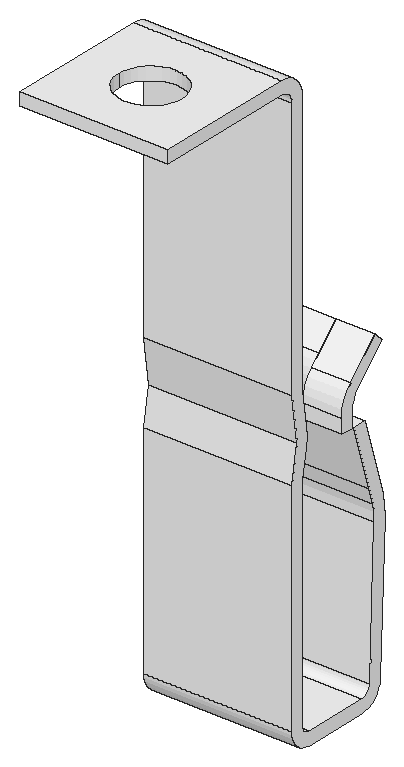
Revit family "CC-19用ハンガー、CC-25用ハンガー", category 機械設備, Revit 2020
Family settings
  丸型コネクタ寸法 = 直径を使用
  種別 = なし
  パーツ タイプ = 標準
  作業面ベース = いいえ
  常に垂直 = はい
  ロード時にボイドで切り取り = いいえ
  共有 = いいえ
  部屋計算ポイント = いいえ
Parameters
  製造元 = "株式会社桐井製作所"
  既定の高さ = 0 mm
  URL = "https://www.kirii.co.jp/"
  K_材質 = "SGCC一般用またはSGHC一般用"
  K_品名 = "CC-19用ハンガー、CC-25用ハンガー"
  K_名称 = "ハンガー"
  K_単位質量(kg/個) = 0.064
  K_入数 = "300"
  K_バージョン情報 = "20210524"
  K_めっき付着量 = "Z12"
  K_JIS規格 = "JIS G 3302"
  K_JIS外 [instance] = not(K_JIS)  # no
  K_JIS [instance] = yes
Reference planes
  plane 1 "中心(正面/背面)": y = 0
  plane 2: z = 0
  plane 3 "中心(左/右)": x = 0
  plane 4: x = 10
  plane 5: x = -10
Forms (mm)
  Extrusion 1, solid
    sketch origin (0, -1.432, 0) x (0, 1, 0) y (0, 0, 1)
      loop
        arc (10.858, 46.52) -> (9.317, 43.754) -> (9.398, 40.59) r 6
        line (9.398, 40.59) -> (9.685, 39.636) -> (13, 28.636) -> (13.708, 26.288)
        arc (13.708, 26.288) -> (13.984, 24.986) -> (14.041, 23.656) r 8
        line (14.041, 23.656) -> (13.142, 1.439)
        arc (13.142, 1.439) -> (12.682, 0.418) -> (11.643, 0) r 1.5
        line (11.643, 0) -> (1.5, 0)
        arc (1.5, 0) -> (0.439, 0.439) -> (0, 1.5) r 1.5
        line (0, 1.5) -> (0, 35.7) -> (0.716, 39.581)
        arc (0.716, 39.581) -> (0.88, 41.202) -> (0.778, 42.828) r 10
        line (0.778, 42.828) -> (0, 48.2) -> (0, 89)
        arc (0, 89) -> (-1.172, 91.828) -> (-4, 93) r 4
        line (-4, 93) -> (-26, 93) -> (-26, 91) -> (-4, 91)
        arc (-4, 91) -> (-2.586, 90.414) -> (-2, 89) r 2
        line (-2, 89) -> (-2, 48.2) -> (-1.027, 41.2) -> (-2, 35.7) -> (-2, 1.5)
        arc (-2, 1.5) -> (-0.975, -0.975) -> (1.5, -2) r 3.5
        line (1.5, -2) -> (11.643, -2)
        arc (11.643, -2) -> (14.067, -1.024) -> (15.14, 1.358) r 3.5
        line (15.14, 1.358) -> (16.04, 23.575)
        arc (16.04, 23.575) -> (15.968, 25.237) -> (15.623, 26.865) r 10
        line (15.623, 26.865) -> (11.313, 41.167)
        arc (11.313, 41.167) -> (11.259, 43.276) -> (12.286, 45.12) r 4
        line (12.286, 45.12) -> (15.5, 48.4) -> (14.072, 49.8) -> (10.858, 46.52)
    from -11.5 to 11.5
  Extrusion 2, solid
    sketch origin (0, -1.432, 0) x (0, 1, 0) y (0, 0, 1)
      loop
        line (15.5, 48.4) -> (14.072, 49.8) -> (9.4, 45.033)
        arc (9.4, 45.033) -> (8.131, 43.101) -> (7.685, 40.833) r 6
        line (7.685, 40.833) -> (7.685, 38.7) -> (9.685, 38.5) -> (9.685, 40.833)
        arc (9.685, 40.833) -> (9.982, 42.345) -> (10.829, 43.633) r 4
        line (10.829, 43.633) -> (15.5, 48.4)
    from -11.5 to 11.5
  Extrusion 3, void
    sketch origin (0, -1.432, 0) x (1, 0, 0) y (0, 1, 0)
      loop
        line (-11.5, 16.048) -> (-11.5, 7.685) -> (-5.5, 7.685) -> (-5.5, 16.048) -> (-11.5, 16.048)
      loop
        line (5.5, 16.048) -> (5.5, 7.685) -> (11.5, 7.685) -> (11.5, 16.048) -> (5.5, 16.048)
    from 38.5 to 49.8
  Extrusion 4, void
    sketch origin (0, -1.432, 0) x (1, 0, 0) y (0, 1, 0)
      loop
        line (-5.5, 15.5) -> (-5.5, 7.685) -> (5.5, 7.685) -> (5.5, 15.5) -> (-5.5, 15.5)
    from 38.5 to 49.8
  Extrusion 5, void
    sketch origin (0, 0, 0) x (1, 0, 0) y (0, 1, 0)
      loop
        circle (0, -16.432) r 5
    from 91 to 93
Cuts and joins
  Extrusion 3, Extrusion 5 cuts Extrusion 1
  Extrusion 4 cuts Extrusion 2
Dimensions and locks
  aligned and locked: level to plane 2
